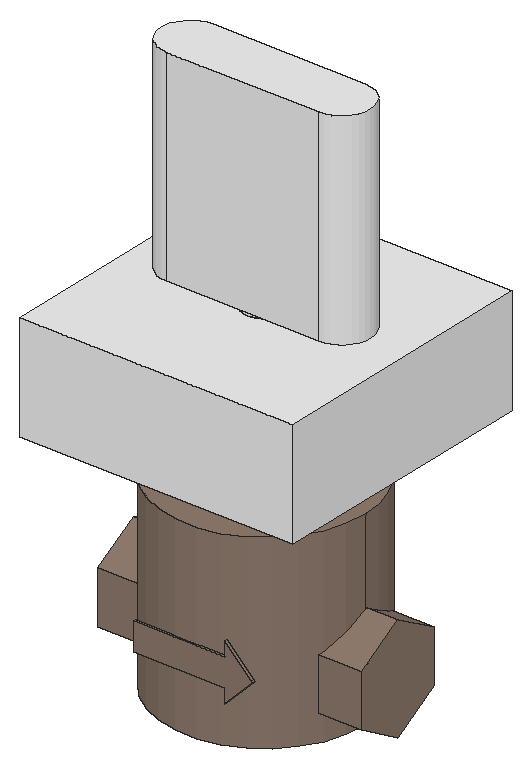
Revit family "Deca_Acabamento para Registro de Pressão_Polo_4916.C33.PQ", category Plumbing Fixtures, host Face, Revit 2012
Parameters (values of type "Base Fácil PVC 25mm (4416.202.PVC)")
  Vendido Separadamente = "Não Aplicável"  # constant formula
  URL = "www.deca.com.br"
  Segmento = "Medio"  # constant formula
  Registro = Deca CR10 Cromado Metal
  Raio Ponto de Agua = 12.5 mm
  Produto = "Acabamento para registro de pressão linha Polo"  # constant formula
  Pressão = "2 a 40 mca"  # constant formula
  Peso Liquido (Kg) = 0.524
  Model = Código  # "4916.C33.PQ"
  Max. = 40 mm
  Material = "Metal"  # constant formula
  Manufacturer = Fabricante  # "Deca"
  Louça/Metais = "Metais"  # constant formula
  Linha = "Polo"  # constant formula
  Informações Complementares = "Acompanha mecanismo de 1/2 volta - MVR II (4688.005)"  # constant formula
  Flow Pressure = 0.00 psi
  Fabricante = "Deca"  # constant formula
  Diâmetro Ponto de Agua = Raio Ponto de Agua * 2  # 25 mm
  Descrição = "Acabamento para registro de pressão"  # constant formula
  Description = Descrição  # "Acabamento para registro de pressão"
  Default Elevation = 0 mm
  Código = "4916.C33.PQ"  # constant formula
  Criador por = "Contino/quattroD"  # constant formula
  CWFU = 0
  Base de Registro_Family = Deca_Base de Registro de Pressão_4416 : 4416.202 - DN 20 (3/4")
  Base de Registro [instance] = yes
  Atendimento ao Cliente = "0800-011-7073"  # constant formula
  Assembly Code = ""
  Aprovado por = "Contino/quattroD"  # constant formula
  Acompanha o Produto = "Não Aplicável"  # constant formula
  Acabamento de Registro [instance] = yes
Types (9, lengths in mm): name | Raio Ponto de Agua | Max. | Diâmetro Ponto de Agua | Base de Registro_Family
  4416.102 - DN 15 (1/2") - 4916.C33.PQ | 7.5 | 45 | 15 | Deca_Base de Registro de Pressão_4416 : 4416.102 - DN 15 (1/2")
  4416.202 - DN 20 (3/4") - 4916.C33.PQ | 10 | 40 | 20 | Deca_Base de Registro de Pressão_4416 : 4416.202 - DN 20 (3/4")
  Base Fácil PVC 20mm (4416.102.PVC) | 10 | 40 | 20 | Deca_Base de Registro de Pressão_4416 : 4416.202 - DN 20 (3/4")
  Base Fácil PVC 25mm (4416.202.PVC) | 12.5 | 40 | 25 | Deca_Base de Registro de Pressão_4416 : 4416.202 - DN 20 (3/4")
  Base Fácil PPR 20mm (4416.102.PPR) | 10 | 40 | 20 | Deca_Base de Registro de Pressão_4416 : 4416.202 - DN 20 (3/4")
  Base Fácil PPR 25mm (4416.202.PPR) | 12.5 | 40 | 25 | Deca_Base de Registro de Pressão_4416 : 4416.202 - DN 20 (3/4")
  Base Fácil CPVC 15mm (4416.102.CPVC) | 7.5 | 40 | 15 | Deca_Base de Registro de Pressão_4416 : 4416.202 - DN 20 (3/4")
  Base Fácil CPVC 22mm (4416.202.CPVC) | 11 | 40 | 22 | Deca_Base de Registro de Pressão_4416 : 4416.202 - DN 20 (3/4")
  Base Fácil CPVC 28mm (4416.302.CPVC) | 14 | 40 | 28 | Deca_Base de Registro de Pressão_4416 : 4416.202 - DN 20 (3/4")
Reference planes
  plane 1 "Center (Front/Back)": y = 0
  plane 2: z = 0
  plane 3 "Center (Left/Right)": x = 0
  plane 4 "Left 1": x = -30
  plane 5 "Right 1": x = 30
  plane 6 "Front 1": y = 30
  plane 7 "Back 1": y = -30
  plane 8 "Top 1": z = 70
Forms (mm)
  Extrusion 1, solid, material "Deca CR10 Cromado Metal" <- "Registro", visible <- "Acabamento de Registro"
    sketch origin (0, 0, 0) x (1, 0, 0) y (0, 1, 0)
      loop
        line (-30, 30) -> (-30, -30) -> (30, -30) -> (30, 30) -> (-30, 30)
    from 0 to 23.5
  Extrusion 2, solid, material "Deca CR10 Cromado Metal" <- "Registro", visible <- "Acabamento de Registro"
    sketch origin (0, 0.345, 0) x (1, 0, 0) y (0, 1, 0)
      loop
        arc (-16.65, 6.005) -> (-23, -0.345) -> (-16.65, -6.695) r 6.35
        line (-16.65, -6.695) -> (16.65, -6.695)
        arc (16.65, -6.695) -> (23, -0.345) -> (16.65, 6.005) r 6.35
        line (16.65, 6.005) -> (-16.65, 6.005)
    from 25 to 70
  Extrusion 3, solid, material "Deca CR10 Cromado Metal" <- "Registro", visible <- "Acabamento de Registro"
    sketch origin (0, 0, 0) x (1, 0, 0) y (0, 1, 0)
      loop
        circle (0, 0) r 5
    from 23.5 to 25
Lines and regions (mm)
  Masking region 1
    outline origin (0, 0, 0) x (1, 0, 0) y (0, 0, 1)
      loop
        line (-29.59, 23.5) -> (-30, 0) -> (30, 0) -> (29.59, 23.5) -> (5.255, 23.5) -> (5.255, 24.9) -> (23, 24.9) -> (23, 70) -> (-23, 70) -> (-23, 24.9) -> (-5.245, 24.9) -> (-5.245, 23.5) -> (-29.59, 23.5)
  Masking region 2
    outline origin (0, 0, 0) x (1, 0, 0) y (0, 1, 0)
      loop
        line (-30, 30) -> (-30, -30) -> (30, -30) -> (30, 30) -> (-30, 30)
  Masking region 3
    outline origin (0, 121.015, -12.483) x (0, 1, 0) y (0, 0, 1)
      loop
        line (-91.425, 35.983) -> (-114.965, 35.983)
        arc (-114.965, 35.983) -> (-115.472, 36.155) -> (-115.771, 36.598) r 0.835
        line (-115.771, 36.598) -> (-115.771, 37.383) -> (-114.665, 37.383) -> (-114.665, 82.383) -> (-127.365, 82.383) -> (-127.365, 37.383) -> (-126.259, 37.383) -> (-126.259, 36.598)
        arc (-126.259, 36.598) -> (-126.558, 36.155) -> (-127.065, 35.983) r 0.835
        line (-127.065, 35.983) -> (-150.605, 35.983) -> (-151.015, 12.483) -> (-91.015, 12.483) -> (-91.425, 35.983)
  symbolic lines
    curve 1: line (-5.201, 0, 24.9) -> (5.201, 0, 24.9)
    curve 2: line (-5.245, 0, 24.3) -> (5.255, 0, 24.3)
    curve 3: line (5.255, 0, 23.5) -> (-5.245, 0, 23.5)
    curve 4: line (-16.645, 0, 24.9) -> (-16.645, 0, 70)
    curve 5: line (16.645, 0, 24.9) -> (16.645, 0, 70)
    curve 6: line (0, -5.244, 24.9) -> (0, 5.244, 24.9)
    curve 7: line (0, 5.244, 24.115) -> (0, -5.244, 24.115)
    curve 8: line (0, -6.05, 23.5) -> (0, 6.05, 23.5)
    curve 9: arc (-16.65, 6.35, 0) -> (-21.14, 4.49, 0) -> (-23, 0, 0) r 6.35
    curve 10: arc (-23, 0, 0) -> (-21.14, -4.49, 0) -> (-16.65, -6.35, 0) r 6.35
    curve 11: line (16.65, -6.35, 0) -> (-16.65, -6.35, 0)
    curve 12: line (-16.65, 6.35, 0) -> (16.65, 6.35, 0)
    curve 13: arc (23, 0, 0) -> (21.14, 4.49, 0) -> (16.65, 6.35, 0) r 6.35
    curve 14: arc (16.65, -6.35, 0) -> (21.14, -4.49, 0) -> (23, 0, 0) r 6.35
    curve 15: line (-29.6, 29.6, 0) -> (-29.6, -29.6, 0)
    curve 16: line (-29.6, -29.6, 0) -> (29.6, -29.6, 0)
    curve 17: line (29.6, -29.6, 0) -> (29.6, 29.6, 0)
    curve 18: line (-29.6, 29.6, 0) -> (29.6, 29.6, 0)
Dimensions and locks
  plane 6 "Front 1" to plane 7 "Back 1" = 60 mm
  plane 4 "Left 1" to plane 5 "Right 1" = 60 mm  (x2)
  plane 8 "Top 1" to host face = 70 mm
  plane 7 "Back 1" to plane 6 "Front 1" = 60 mm
  host face to plane 8 "Top 1" = 70 mm
  "Max.": level to nested 1
  aligned and locked: plane 2 to host face
  aligned and locked: level to host face
Automatic sketch dimensions
  curve 9 to curve 10 = 0 mm  (x2)
  curve 13 to curve 14 = 0 mm  (x2)
  plane 1 "Center (Front/Back)" to curve 9 = 0 mm
  curve 15 to plane 4 "Left 1" = 0.4 mm
  curve 9 to plane 4 "Left 1" = 7 mm
  plane 1 "Center (Front/Back)" to curve 10 = 6.35 mm
  curve 14 to plane 5 "Right 1" = 13.35 mm
  curve 17 to plane 5 "Right 1" = 0.4 mm
  plane 7 "Back 1" to curve 16 = 0.4 mm
  plane 6 "Front 1" to curve 17 = 0.4 mm
  plane 1 "Center (Front/Back)" to curve 8 = 6.05 mm
  curve 8 to curve 7 = 0.806 mm
  curve 6 to curve 7 = 0 mm  (x2)
  curve 7 to plane 1 "Center (Front/Back)" = 5.244 mm
  curve 7 to curve 8 = 0.806 mm
  level to curve 8 = 23.5 mm
  curve 8 to curve 7 = 0.615 mm
  curve 7 to curve 6 = 0.785 mm
  curve 4 to plane 8 "Top 1" = 0 mm
  curve 5 to plane 8 "Top 1" = 0 mm
  curve 4 to plane 4 "Left 1" = 13.355 mm
  curve 2 to plane 3 "Center (Left/Right)" = 5.245 mm
  curve 2 to curve 3 = 0 mm  (x2)
  curve 2 to curve 1 = 0.044 mm
  plane 3 "Center (Left/Right)" to curve 1 = 5.201 mm
  curve 1 to curve 2 = 0.054 mm
  curve 5 to plane 5 "Right 1" = 13.355 mm
  level to curve 5 = 24.9 mm
  level to curve 4 = 24.9 mm
  curve 1 to curve 4 = 0 mm
  curve 2 to curve 1 = 0.6 mm
  curve 3 to curve 2 = 0.8 mm
  host sketch curve to host sketch curve = 303.745 mm
  host sketch curve to host sketch curve = 312.012 mm
  Extrusion 1 sketch curve to plane 4 "Left 1" = 0 mm
  Extrusion 1 sketch curve to plane 5 "Right 1" = 0 mm
  Extrusion 1 sketch curve to plane 7 "Back 1" = 0 mm
  plane 6 "Front 1" to Extrusion 1 sketch curve = 0 mm
  plane 1 "Center (Front/Back)" to Extrusion 2 sketch curve = 0 mm
  Extrusion 2 sketch curve to plane 4 "Left 1" = 13.35 mm
  plane 1 "Center (Front/Back)" to Extrusion 2 sketch curve = 6.35 mm
  Extrusion 2 sketch curve to plane 5 "Right 1" = 13.35 mm
  Masking region 1 sketch curve to level = 0 mm
  plane 4 "Left 1" to Masking region 1 sketch curve = 0 mm
  Masking region 1 sketch curve to plane 8 "Top 1" = 0 mm
  Masking region 1 sketch curve to plane 5 "Right 1" = 0 mm
  Masking region 1 sketch curve to plane 4 "Left 1" = 0.41 mm
  Masking region 1 sketch curve to Masking region 1 sketch curve = 6.59 mm
  Masking region 1 sketch curve to plane 3 "Center (Left/Right)" = 5.245 mm
  plane 3 "Center (Left/Right)" to Masking region 1 sketch curve = 5.255 mm
  Masking region 1 sketch curve to plane 5 "Right 1" = 7 mm
  Masking region 1 sketch curve to plane 5 "Right 1" = 0.41 mm
  level to Masking region 1 sketch curve = 23.5 mm
  Masking region 1 sketch curve to Masking region 1 sketch curve = 0 mm
  Masking region 1 sketch curve to Masking region 1 sketch curve = 1.4 mm  (x2)
  Masking region 2 sketch curve to plane 4 "Left 1" = 0 mm
  Masking region 2 sketch curve to plane 5 "Right 1" = 0 mm
  Masking region 2 sketch curve to plane 7 "Back 1" = 0 mm
  plane 6 "Front 1" to Masking region 2 sketch curve = 0 mm
  Masking region 3 sketch curve to level = 0 mm
  Masking region 3 sketch curve to plane 7 "Back 1" = 0 mm
  Masking region 3 sketch curve to plane 6 "Front 1" = 0 mm
  plane 7 "Back 1" to Masking region 3 sketch curve = 0.41 mm
  plane 1 "Center (Front/Back)" to Masking region 3 sketch curve = 6.35 mm
  Masking region 3 sketch curve to Masking region 3 sketch curve = 0.3 mm
  Masking region 3 sketch curve to Masking region 3 sketch curve = 0.806 mm  (x2)
  Masking region 3 sketch curve to plane 1 "Center (Front/Back)" = 5.244 mm
  plane 8 "Top 1" to Masking region 3 sketch curve = 0.1 mm
  Masking region 3 sketch curve to plane 1 "Center (Front/Back)" = 6.35 mm
  plane 6 "Front 1" to Masking region 3 sketch curve = 0.41 mm
  level to Masking region 3 sketch curve = 23.5 mm
  Masking region 3 sketch curve to Masking region 3 sketch curve = 0 mm
  Masking region 3 sketch curve to Masking region 3 sketch curve = 0.615 mm  (x2)
  Masking region 3 sketch curve to Masking region 3 sketch curve = 0.565 mm
  Masking region 3 sketch curve to Masking region 3 sketch curve = 0.785 mm
  plane 1 "Center (Front/Back)" to Extrusion 3 sketch curve = 0 mm
  Extrusion 3 sketch curve to plane 3 "Center (Left/Right)" = 0 mm
  radius of Extrusion 3 sketch curve = 5 mm
Nested families
  nested 1: "Deca_Base de Registro de Pressão_4416" at (-0.3, 0, -40), visible <- "Base de Registro", type <- "Base de Registro_Family", type "4416.202 - DN 20 (3/4")"
Connectors
  piping at (29, 0, -40), driven by "Flow Pressure", driven by "Raio Ponto de Agua"
    settings: on nested 1, index 1, connector radius 0.49213", flow factor 0, pipe flow 0 GPM, pressure drop 0.00 psi, fitting loss kfactor 0, connector angle 0.00°, fixture units 0, engagement length 0 mm, flow configuration 3, flow direction 1, fitting loss method 4, system type 29, joint type 0, gender type 0, connector reference index -1, connector utility 0, adjustable connector no, is connector primary yes, fitting loss table "", connector description ""
  piping at (-29, 0, -40), driven by "Flow Pressure", driven by "Raio Ponto de Agua"
    settings: on nested 1, index 2, connector radius 0.49213", flow factor 0, pipe flow 0 GPM, pressure drop 0.00 psi, fitting loss kfactor 0, connector angle 0.00°, fixture units 0, engagement length 0 mm, flow configuration 3, flow direction 1, fitting loss method 4, system type 29, joint type 0, gender type 0, connector reference index -1, connector utility 0, adjustable connector no, is connector primary no, fitting loss table "", connector description ""
Definition of nested family "Deca_Base de Registro de Pressão_4416"
  Parameters (values of type "4416.202 - DN 20 (3/4")")
    Vendido Separadamente = "Não Aplicável"  # constant formula
    Variações de COR = "1/2'' e 3/4''"  # constant formula
    Topo = Deca BR13 Bronze Bruto Metal
    Segmento = "Básicos"  # constant formula
    Raio Ponto de Agua = 9.5 mm
    Radius Side = DN / 2  # 10 mm
    Produto = "Base de registro de pressão 3/4\""
    Pressão = "2 a 40 mca"  # constant formula
    Peso Liquido (Kg) = 0.332
    Norma = "NBR 15704-1"  # constant formula
    Mín = 30 mm
    Max = 40 mm
    Material = "Bronze Fundido e Plásticos de Engenharia"  # constant formula
    Louça/Metais = "Metais"  # constant formula
    Linha = "-"  # constant formula
    K Coefficient = 0
    Informações Complementares = "Gabarito para embutimento e proteção; Range de embutimento de 10 mm, Possibilidade de troca de mecanismo de MVS para MVR (meia volta); Sentido do fluxo indicado por seta indicativa no corpo;"  # constant formula
    Flow Pressure = 0.00 psi
    Fabricante = "Deca"  # constant formula
    Diâmetro Ponto de Agua = Raio Ponto de Agua * 2  # 19 mm
    Descrição = "Base de registro de pressão"  # constant formula
    DN = 20 mm
    Código = "4416.202"
    Criador por = "Contino/quattroD"  # constant formula
    Corpo = Deca BR13 Bronze Bruto Metal
    URL = "www.deca.com.br"
    Model = Código  # "4416.202"
    Manufacturer = Fabricante  # "Deca"
    Description = Descrição  # "Base de registro de pressão"
    B = 94 mm
    Atendimento ao Cliente = "0800-0117073"  # constant formula
    Assembly Code = ""
    Aprovado por = "Contino/quattroD"  # constant formula
    Acompanha o Produto = "Não Aplicável"  # constant formula
    A = 58 mm
  Types (2, lengths in mm): name | Raio Ponto de Agua | Radius Side | Produto | Peso Liquido (Kg) | Mín | Max | Diâmetro Ponto de Agua | DN | Código | Model | B | A
    4416.102 - DN 15 (1/2") | 6.4 | 7.5 | "Base de registro de pressão 1/2\"" | 0.31 | 35 | 45 | 12.8 | 15 | "4416.102" | "4416.102" | 99 | 59
    4416.202 - DN 20 (3/4") | 9.5 | 10 | "Base de registro de pressão 3/4\"" | 0.332 | 30 | 40 | 19 | 20 | "4416.202" | "4416.202" | 94 | 58
  Reference planes
    plane 1 "Center (Front/Back)": y = 0
    plane 2: z = 0
    plane 3 "Center (Left/Right)": x = 0.3
    plane 4 "Left 2": x = -28.7
    plane 5: through (11.528, 0, 0) normal (0, 0.5, -0.866)
    plane 6: through (11.528, 28.818, 28.185) normal (0, -0.5, 0.866)
    plane 7: through (11.528, 0, 0) normal (0, 0.5, 0.866)
    plane 8: through (11.528, 15.115, 2.82) normal (0, 0.5, 0.866)
    plane 9: through (11.528, 0, 0) normal (0, -0.5, -0.866)
    plane 10: through (11.528, 28.818, -28.185) normal (0, 0.5, 0.866)
    plane 11: through (11.528, 0, 0) normal (0, -0.5, 0.866)
    plane 12: through (11.528, 15.115, -2.82) normal (0, -0.5, 0.866)
    plane 13 "Right 2": x = 29.3
    plane 14 "Top 1": z = 30
    plane 15 "Right 1": x = 22.3
    plane 16 "Left 1": x = -21.7
    plane 17 "Top 2": z = 94
  Forms (mm)
    Extrusion 1, solid, material "Deca BR13 Bronze Bruto Metal" <- "Corpo"
      sketch origin (0, 134.427, 73.647) x (0, 1, 0) y (0, 0, 1)
        loop
          line (-124.427, -67.874) -> (-134.427, -62.1) -> (-144.427, -67.874) -> (-144.427, -79.421) -> (-134.427, -85.194) -> (-124.427, -79.421) -> (-124.427, -67.874)
      from -28.7 to 29.3
    Extrusion 2, solid, material "Deca BR13 Bronze Bruto Metal" <- "Corpo"
      sketch origin (0, 0, 0) x (1, 0, 0) y (0, 1, 0)
        loop
          circle (0.3, 0) r 22
      from -11.547 to 30
    Extrusion 3, solid, material "Deca BR13 Bronze Bruto Metal" <- "Topo"
      sketch origin (0, 0, 0) x (1, 0, 0) y (0, 1, 0)
        loop
          circle (0.3, 0) r 5
      from 30 to 94
    Extrusion 4, solid, material "Deca BR13 Bronze Bruto Metal" <- "Corpo"
      sketch origin (0, 0, 0) x (1, 0, 0) y (0, 0, 1)
        loop
          line (-10.882, 7.052) -> (-10.882, 0.923) -> (9.118, 0.923) -> (9.118, -2.241) -> (15.346, 3.987) -> (9.118, 10.216) -> (9.118, 7.052) -> (-10.882, 7.052)
      from 21.847 to 22.271
  Dimensions and locks
    "Radius Side": plane 6 to plane 5
    "Radius Side": plane 8 to plane 7
    "Radius Side": plane 10 to plane 9
    "Radius Side": plane 12 to plane 11
    "A": plane 4 "Left 2" to plane 13 "Right 2"
    equal spacing: plane 13 "Right 2", plane 3 "Center (Left/Right)", plane 4 "Left 2"
    "Mín": plane 14 "Top 1" to level
    locked: plane 13 "Right 2" to plane 15 "Right 1" at 7
    equal spacing: plane 16 "Left 1", plane 3 "Center (Left/Right)", plane 15 "Right 1"
    plane 4 "Left 2" to plane 13 "Right 2" = 58 mm
    "B": plane 17 "Top 2" to level
    aligned and locked: plane 4 "Left 2" to Extrusion 1
    aligned and locked: plane 13 "Right 2" to Extrusion 1
    aligned and locked: Extrusion 1 to Extrusion 2
    aligned and locked: plane 15 "Right 1" to Extrusion 2 sketch curve
    aligned and locked: plane 14 "Top 1" to Extrusion 2
    aligned and locked: Extrusion 3 to plane 14 "Top 1"
    aligned and locked: plane 17 "Top 2" to Extrusion 3
  Automatic sketch dimensions
    Extrusion 1 sketch curve to plane 5 = 0 mm
    plane 10 to Extrusion 1 sketch curve = 0 mm  (x2)
    Extrusion 1 sketch curve to plane 1 "Center (Front/Back)" = 0 mm  (x2)
    plane 7 to Extrusion 1 sketch curve = 0 mm
    plane 12 to Extrusion 1 sketch curve = 0 mm
    plane 5 to Extrusion 1 sketch curve = 0 mm
    Extrusion 1 sketch curve to plane 6 = 0 mm  (x2)
    plane 1 "Center (Front/Back)" to Extrusion 2 sketch curve = 0 mm
    Extrusion 2 sketch curve to plane 3 "Center (Left/Right)" = 0 mm
    plane 1 "Center (Front/Back)" to Extrusion 3 sketch curve = 0 mm
    Extrusion 3 sketch curve to plane 3 "Center (Left/Right)" = 0 mm
    Extrusion 4 sketch curve to plane 16 "Left 1" = 10.818 mm
    plane 3 "Center (Left/Right)" to Extrusion 4 sketch curve = 8.818 mm
    level to Extrusion 4 sketch curve = 0.923 mm
    Extrusion 4 sketch curve to Extrusion 4 sketch curve = 0 mm
    level to Extrusion 4 sketch curve = 3.987 mm
    Extrusion 4 sketch curve to Extrusion 4 sketch curve = 6.228 mm
    Extrusion 4 sketch curve to level = 2.241 mm
    Extrusion 4 sketch curve to Extrusion 4 sketch curve = 3.163 mm
    radius of Extrusion 3 sketch curve = 5 mm
  Nested families
    nested 1: "Symbol" at (0.3, 0, 0), type "Symbol"
  Connectors
    piping at (29.3, 0, 0), driven by "Flow Pressure", driven by "Raio Ponto de Agua"
      settings: on Extrusion 1, index 1, connector radius 0.37402", flow factor 0, pipe flow 0 GPM, pressure drop 0.00 psi, fitting loss kfactor 0, connector angle 0.00°, fixture units 0, engagement length 0 mm, flow configuration 3, flow direction 2, fitting loss method 4, system type 29, joint type 0, gender type 0, connector reference index -1, connector utility 0, adjustable connector no, is connector primary yes, fitting loss table "", connector description ""
    piping at (-28.7, 0, 0), driven by "Raio Ponto de Agua", driven by "Flow Pressure"
      settings: on Extrusion 1, index 2, connector radius 0.37402", flow factor 0, pipe flow 0 GPM, pressure drop 0.00 psi, fitting loss kfactor 0, connector angle 0.00°, fixture units 0, engagement length 0 mm, flow configuration 3, flow direction 1, fitting loss method 4, system type 29, joint type 0, gender type 0, connector reference index -1, connector utility 0, adjustable connector no, is connector primary no, fitting loss table "", connector description ""
  Definition of nested family "Symbol"
    Reference planes
      plane 1: y = 0
      plane 2: x = 0
    Lines and regions (mm)
      detail lines, style "Centerline"
        curve 1: line (0, 1.651, 0) -> (0, -3.349, 0)
        curve 2: line (0, -3.349, 0) -> (-2.5, -3.349, 0)
        curve 3: circle (0, 0, 0) r 1.651 normal (0, 0, 1)
      detail lines
        curve 4: line (2.5, 1.651, 0) -> (2.5, -1.651, 0)
        curve 5: line (-2.5, 1.651, 0) -> (-2.5, -1.651, 0)
